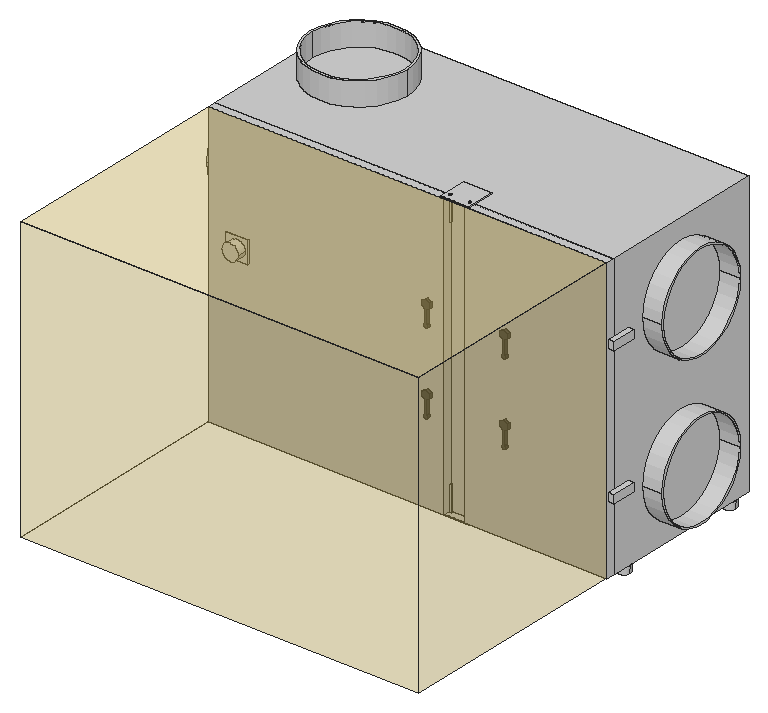
Revit family "Ventilator-RenewAire-Energy-Recovery-HE1XINH-Bypass", category Mechanical Equipment, Revit 2015
Parameters (values of type "0.75 HP 120V Single Phase")
  Voltage = "120"
  Ventilation Type = "Static Plate, Heat and Humidity Transfer"
  Unit Width = "23-3/4\""
  Unit Weight = "204-275 lbs."
  Unit Length = "54-3/4\""
  Unit Height = "35-3/4\""
  Unit = Metal - RenewAire - Anodized - Gray Text
  URL = "www.renewaire.com"
  Typical Airflow Range = "250 - 925 CFM"
  Standard Features = "Non-Fused Disconnect, 24VAC Transformer/Relay Package"
  Shipping Weight = "325"
  Service Area Visibility = yes
  Service Area Box = Interference - RenewAire - Smooth - Light - Gold
  Revit Object Download Link = ""
  Phase = "Single"
  Options = "Qty. 2 EC Motor (see HE1XINH EC Motor submittal) - 0.5 HP 120V/1Ph/60Hz, 0.5 HP 208-230V/1Ph/60Hz, Integrated programmable controls, Fused disconnect, Double wall construction, low leakage motorized isolation dampers – OA, RA or both airstreams, Qty. 2 Factory mounted filter alarms, Independent blower control, Exterior Paint - white, custom colors, Bypass economizer (see bypass DIM drawing) – dry bulb temperature controls (standard), enthalpy controls (option)"
  Number Motors = "Qty. 2, 0.75 HP ea., Direct drive blower/standard motor packages"
  Model = "HE1XINH-Bypass"
  Minimum Circuit Amps = "20.3"
  Maximum Overcurrent Protection = "25 A"
  Max. Shipping Width = "30\""
  Max. Shipping Length = "63\""
  Max. Shipping Height = "56\""
  Manufacturer = "RenewAire LLC"
  Frequency = "60 HZ"
  FLA per Motor = "9.0"
  Description = "Energy Recovery Ventilator"
  Accessories = "Filters - MERV 13, 2\" (shipped loose), Backdraft damper 12\", Motorized isolation damper - both airstreams, Wall cap 12\" - galvanized, paintable galvanneal, Solid state speed control kit - 115V, Qty. 1, 208-230V, Qty. 1, Digital time clock - wall mount(TC7D-W), in exterior enclosure (TC7D-E), Motion occupancy control - ceiling mount(MC-C), wall mount(MC-W), Carbon dioxide control - wall mount (CO2-W), duct mount(CO2-D), Electric duct heater – EK series (1-60 KW), Indirect gas-fired duct furnace - GH Series (50-400 MBH), installed downstream of any fans"
  AHRI 1060 Certified Core = "One L125-G5"
Types (6): name | Voltage | Phase | Minimum Circuit Amps | Maximum Overcurrent Protection | FLA per Motor
  (no name) | "120" | "Single" | "20.3" | "25 A" | "9.0"
  0.75 HP 120V Single Phase | "120" | "Single" | "20.3" | "25 A" | "9.0"
  0.75 HP 208-230V Single Phase | "208-230" | "Single" | "10.1" | "15 A" | "4.5"
  0.75 HP 277V Single Phase | "277" | "Single" | "8.8" | "15 A" | "3.9"
  0.75 HP 208-230V Three Phase | "208-230" | "Three" | "5.2" | "15 A" | "1.7-2.3"
  0.75 HP 460V Three Phase | "460" | "Three" | "2.6" | "15 A" | "1.15"
Reference planes (in)
  plane 1 "Center (Front/Back)": y = 0
  plane 2: z = 0
  plane 3 "Center (Left/Right)": x = 0
Forms (in)
  Extrusion 1, solid, material "Metal - RenewAire - Anodized - Gray Text" <- "Unit"
    sketch origin (0, 0, 0) x (1, 0, 0) y (0, 1, 0)
      loop
        line (-24.5625, 10.375) -> (-24.5625, -10.375) -> (24.5625, -10.375) -> (24.5625, 10.375) -> (-24.5625, 10.375)
    from 0 to 34.875
  Extrusion 2, solid, material "Metal - RenewAire - Anodized - Gray Text"
    sketch origin (0, 0, 0) x (1, 0, 0) y (0, 0, 1)
      loop
        line (24.5625, 34.875) -> (7.0625, 34.875) -> (7.0625, 0) -> (24.5625, 0) -> (24.5625, 34.875)
      loop
        line (-24.5625, 34.875) -> (-24.5625, 0) -> (4.4375, 0) -> (4.4375, 34.875) -> (-24.5625, 34.875)
    from 10.375 to 11.375
  Extrusion 3, solid, material "Metal - RenewAire - Anodized - Gray Text"
    sketch origin (0, 0, 0) x (1, 0, 0) y (0, 1, 0)
      loop
        line (3.96232, -7.75) -> (3.96232, -11.25) -> (7.46232, -11.25) -> (7.46232, -7.75) -> (3.96232, -7.75)
    from 34.875 to 35
  Extrusion 4, solid, material "Metal - RenewAire - Anodized - Gray Text"
    sketch origin (0, 0, 0) x (1, 0, 0) y (0, 1, 0)
      loop
        line (3.96232, -7.75) -> (3.96232, -11.25) -> (7.46232, -11.25) -> (7.46232, -7.75) -> (3.96232, -7.75)
    from -0.125 to 0
  Extrusion 5, solid, material "Metal - RenewAire - Anodized - Gray Text"
    sketch origin (0, 0, 0) x (1, 0, 0) y (0, 1, 0)
      loop
        circle (4.5625, -10.5) r 0.125
      loop
        circle (6.9375, -10.5) r 0.125
    from 32 to 35
  Extrusion 6, solid, material "Metal - RenewAire - Anodized - Gray Text"
    sketch origin (0, 0, 0) x (1, 0, 0) y (0, 1, 0)
      loop
        circle (4.5625, -10.5) r 0.125
      loop
        circle (6.9375, -10.5) r 0.125
    from -0.125 to 3
  Extrusion 7, solid, material "Metal - RenewAire - Anodized - Gray Text"
    sketch origin (0, 0, 0) x (1, 0, 0) y (0, 1, 0)
      loop
        circle (24.0625, -8.125) r 0.75
      loop
        circle (24.0625, 8.125) r 0.75
      loop
        circle (-24.0625, -8.125) r 0.75
      loop
        circle (-24.0625, 8.125) r 0.75
    from 0 to -0.75
  Extrusion 8, solid, material "Metal - RenewAire - Anodized - Gray Text"
    sketch origin (0, 0, 0) x (0, 1, 0) y (0, 0, 1)
      loop
        line (-11.25, 26.375) -> (-11.25, 25.375) -> (-8.25, 25.375) -> (-8.25, 26.375) -> (-11.25, 26.375)
      loop
        line (-11.25, 9.5) -> (-11.25, 8.5) -> (-8.25, 8.5) -> (-8.25, 9.5) -> (-11.25, 9.5)
    from 25.3125 to 24.5625
  Extrusion 9, solid, material "Metal - RenewAire - Anodized - Gray Text"
    sketch origin (0, 0, 0) x (1, 0, 0) y (0, 0, 1)
      loop
        line (-22.3125, 21.875) -> (-22.3125, 19.185) -> (-19.6225, 19.185) -> (-19.6225, 21.875) -> (-22.3125, 21.875)
    from 11.5 to 11.375
  Extrusion 10, solid, material "Metal - RenewAire - Anodized - Gray Text"
    sketch origin (0, 0, 0) x (1, 0, 0) y (0, 0, 1)
      loop
        circle (-20.9675, 20.53) r 1
    from 12.5 to 11.5
  Extrusion 11, solid, material "Metal - RenewAire - Anodized - Gray Text"
    sketch origin (0, 0, -1) x (0, 1, 0) y (0, 0, 1)
      loop
        circle (0, 8.875) r 5.875
      loop
        circle (0, 8.875) r 6
    from 27.0625 to 24.5625
  Extrusion 12, solid, material "Metal - RenewAire - Anodized - Gray Text"
    sketch origin (0, 0, 17.625) x (0, 1, 0) y (0, 0, 1)
      loop
        circle (0, 8.875) r 5.875
      loop
        circle (0, 8.875) r 6
    from 27.0625 to 24.5625
  Extrusion 13, solid, material "Metal - RenewAire - Anodized - Gray Text"
    sketch origin (0, 0, -1) x (0, 1, 0) y (0, 0, 1)
      loop
        circle (-2.5, 27.625) r 6
      loop
        circle (-2.5, 27.625) r 5.875
    from -27.0625 to -24.5625
  Extrusion 14, solid, material "Metal - RenewAire - Anodized - Gray Text"
    sketch origin (0, 0, -1) x (0, 1, 0) y (0, 0, 1)
      loop
        circle (1.75, 8.875) r 6
      loop
        circle (1.75, 8.875) r 5.875
    from -27.0625 to -24.5625
  Extrusion 15, solid, material "Interference - RenewAire - Smooth - Light - Gold" <- "Service Area Box", visible <- "Service Area Visibility"
    sketch origin (0, 0, 0) x (1, 0, 0) y (0, 0, 1)
      loop
        line (-24.5625, 34.875) -> (-24.5625, 0) -> (24.5625, 0) -> (24.5625, 34.875) -> (-24.5625, 34.875)
    from 11.375 to 40.375
  Extrusion 16, solid, material "Metal - RenewAire - Anodized - Gray Text" <- "Unit"
    sketch origin (0, 0, 0) x (1, 0, 0) y (0, 1, 0)
      loop
        circle (-16.9375, 2.25) r 6
      loop
        circle (-16.9375, 2.25) r 5.75
    from 34.875 to 37.75
Dimensions and locks (in)
  aligned and locked: level to plane 2
  aligned and locked: nested 1 to Extrusion 15
Nested families (in)
  nested 1: "Monitoring Port" at (2.4375, -11.375, 10), type "Monitoring Port"
  nested 2: "Monitoring Port" at (2.4375, -11.375, 20), type "Monitoring Port"
  nested 3: "Monitoring Port" at (12.0625, -11.375, 10), type "Monitoring Port"
  nested 4: "Monitoring Port" at (12.0625, -11.375, 20), type "Monitoring Port"
Connectors (in)
  hvac at (-24.5625, -2.5, 26.625)
    settings: on Extrusion 13, index 1, duct flow 0 CFM, flow factor 0, pres drop 0.00 in-wg, loss coef 0, conn angle 0.00°, conn width 12", conn height 12", conn diameter 12", duct sys type 3, conn prof type 0, flow config 0, flow direction 2, loss method 0, conn ref index -1, conn util no, is conn primary yes, conn desc "EA (Exhaust Air)"
  hvac at (-24.5625, 1.75, 7.875)
    settings: on Extrusion 14, index 2, duct flow 0 CFM, flow factor 0, pres drop 0.00 in-wg, loss coef 0, conn angle 0.00°, conn width 12", conn height 12", conn diameter 12", duct sys type 1, conn prof type 0, flow config 0, flow direction 2, loss method 0, conn ref index -1, conn util no, is conn primary no, conn desc "FA (Fresh Air)"
  hvac at (24.5625, 0, 26.5)
    settings: on Extrusion 12, index 3, duct flow 0 CFM, flow factor 0, pres drop 0.00 in-wg, loss coef 0, conn angle 0.00°, conn width 12", conn height 12", conn diameter 12", duct sys type 4, conn prof type 0, flow config 0, flow direction 1, loss method 0, conn ref index -1, conn util no, is conn primary no, conn desc "OA (Outside Air)"
  hvac at (24.5625, 0, 7.875)
    settings: on Extrusion 11, index 4, duct flow 0 CFM, flow factor 0, pres drop 0.00 in-wg, loss coef 0, conn angle 0.00°, conn width 12", conn height 12", conn diameter 12", duct sys type 2, conn prof type 0, flow config 0, flow direction 1, loss method 0, conn ref index -1, conn util no, is conn primary no, conn desc "RA (Return Air)"
  hvac at (-16.9375, 2.25, 34.875)
    settings: on Extrusion 16, index 5, duct flow 0 CFM, flow factor 0, pres drop 0.00 in-wg, loss coef 0, conn angle 0.00°, conn width 12", conn height 12", conn diameter 12", duct sys type 2, conn prof type 0, flow config 0, flow direction 1, loss method 0, conn ref index -1, conn util no, is conn primary no, conn desc "BP (Bypass Air)"
Definition of nested family "Monitoring Port"
  Parameters
    URL = "www.renewaire.com"
    Revit Object Download Link = ""
    Model = ""
    Manufacturer = "RenewAire LLC"
    Description = "Monitoring Ports"
  Reference planes (in)
    plane 1 "Center (Front/Back)": y = 0
    plane 2: z = 0
    plane 3 "Center (Left/Right)": x = 0
  Forms (in)
    Extrusion 1, solid
      sketch origin (-9.43348, 0, 37.76669) x (-1, 0, 0) y (0, 0, -1)
        loop
          line (-9.53348, 35.65895) -> (-9.94097, 35.42369) -> (-9.94097, 34.83769) -> (-9.43348, 34.54469) -> (-8.92599, 34.83769) -> (-8.92599, 35.42369) -> (-9.33348, 35.65895) -> (-9.33348, 37.28756)
          arc (-9.33348, 37.28756) -> (-9.43348, 37.76669) -> (-9.53348, 37.28756) r 0.25
          line (-9.53348, 37.28756) -> (-9.53348, 35.65895)
      from 0 to 0.25
  Dimensions and locks (in)
    aligned and locked: level to plane 2
